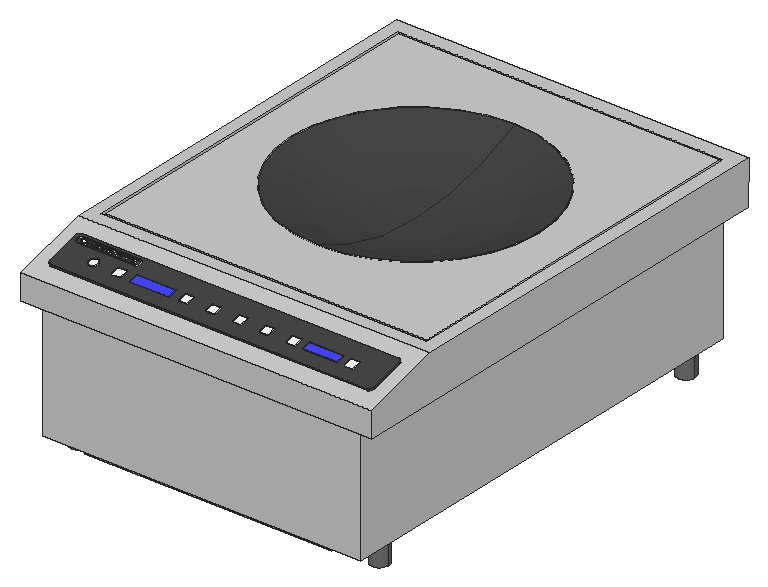
Revit family "QF_ADVENTYS_BWIC_3600_250901093003", category Specialty Equipment, Revit 2021
Family settings
  Round Connector Dimension = Use Diameter
  Part Type = Normal
  OmniClass Number = 23.40.40.14
  OmniClass Title = Food Service Equipment
  Work Plane-Based = No
  Always vertical = Yes
  Cut with Voids When Loaded = No
  Shared = No
  Room Calculation Point = No
Parameters (values of type "ADV2148")
  Weight in Pounds [instance] = 0
  Weight = 10.00 kg
  Warranty Start Date [instance] = ""
  Warranty Duration [instance] = ""
  Volts [instance] = 230 V
  URL Recommended Spares List = ""
  URL Manufacturer = ""
  URL Cutsheet = ""
  URL Critical Spares List = ""
  URL = "www.adventys.com"
  Tag Number [instance] = ""
  Status [instance] = ""
  Specification by User [instance] = ""
  Specification by Manufacturer [instance] = ""
  Sound Level [instance] = ""
  Solid Fuel Type [instance] = ""
  Service Life Duration [instance] = ""
  Serial Number [instance] = ""
  Seismic Rating [instance] = ""
  SMACNA No [instance] = ""
  Revision Code [instance] = ""
  Revision [instance] = ""
  Production Year [instance] = ""
  Point Load [instance] = 0
  Phase [instance] = 1
  Other Equipment Approvals [instance] = ""
  Number of Poles [instance] = 2
  NAFEM Spec ID Number [instance] = ""
  Model Warning [instance] = ""
  Model = "BWIC 3600"
  Min Ckt Ampacity [instance] = 0 A
  Max Overcurrent Protection [instance] = 25 A
  Masterspec [instance] = ""
  Manufacturer = "ADVENTYS"
  Length Actual = 392 mm
  Item Number [instance] = ""
  Installed By [instance] = ""
  Installation Date [instance] = ""
  Identify Quantity as Lot [instance] = no
  ID [instance] = ""
  Hygiene Approval [instance] = ""
  Hot Water Consumption = 0.0 L/s
  Height Actual = 206 mm
  HP power [instance] = ""
  Furnished By [instance] = ""
  Foodservice Equipment Identifier [instance] = no
  FL Amps [instance] = 16 A
  Electrical Remarks [instance] = "Plug not included"
  Electric power [instance] = 0 W
  Electric Connection Type [instance] = "Cord&Plug"
  Elec Conn RI Height [instance] = 0 mm
  Elec Conn Connection Height [instance] = 0 mm
  ETL Approved [instance] = no
  Description = "FREE-STANDING INDUCTION WOK"
  Depth Actual = 526 mm
  Default Elevation = 0 mm
  Cycle [instance] = 50 Hz
  Cost = 0
  Conn Plug [instance] = ""
  Conn Conduit [instance] = no
  CSI MasterFormat [instance] = ""
  CE Approved [instance] = no
  Barcode [instance] = 0
  Author [instance] = ""
  Asset Identifier [instance] = ""
  Apparent Power [instance] = 3600 VA
  Accessory = no
Reference planes
  plane 1 "Center (Front/Back)": y = 0
  plane 2: z = 0
  plane 3 "Center (Left/Right)": x = 0
Forms (mm)
  Extrusion 1, solid, not visible
    sketch origin (328.016, -72.004, 18.001) x (1, 0, 0) y (0, 1, 0)
      loop
        line (-2, 2) -> (-2, -2) -> (2, -2) -> (2, 2) -> (-2, 2)
    from -2 to 2
Dimensions and locks
  locked: nested 2 to Extrusion 1 at 2  (x2)
  aligned and locked: level to plane 2
Nested families
  nested 1: "QF_ADVENTYS_ADV2147_2916" at (0, 0, 0), type "ADV2148"
    with Status "", Show Logo yes, Show Clearance yes
  nested 2: "CONN_POINT_ELE_2D___Generic_Annotation" at (328.016, -72.004, 16.001), type "CONN_POINT_ELE_2D___Generic_Annotation"
    with Onboard connection annotation symbol visibility yes
Connectors
  electrical at (328.016, -72.004, 16.001), driven by "Apparent Power", driven by "Number of Poles", driven by "Volts"
    settings: on Extrusion 1, index 1, voltage 230 V, apparent load 0 VA, apparent load phase1 3600 VA, apparent load phase2 0 VA, apparent load phase3 0 VA, power factor 1, load classification "Other", number of poles 2, system type 31, power factor state 1, is connector primary yes, connector utility no, sub classification motor no, connector description "Electrical connection for BWIC 3600"
Definition of nested family "QF_ADVENTYS_ADV2147_2916"
  Parameters (values of type "ADV2148")
    URL = "www.adventys.com"
    Status [instance] = ""
    Show Logo [instance] = yes
    Show Clearance [instance] = yes
    Model = "BWIC 3600"
    Manufacturer = "ADVENTYS"
    Description = "FREE-STANDING INDUCTION WOK"
    Default Elevation = 0 mm
    Author = "SPECIFI"
    Assembly Code = "E1090320"
  Types (2, lengths in mm): name | Model
    ADV2147 | "BWIC 3000"
    ADV2148 | "BWIC 3600"
  Reference planes
    plane 1 "Back": y = 0
    plane 2: z = 0
    plane 3 "Left": x = 0
    plane 4 "Right": x = 392
    plane 5 "Front": y = -526
    plane 6 "Top": z = 206
  Forms (mm)
    Extrusion 1, solid
      sketch origin (0, 0, 0) x (1, 0, 0) y (0, 1, 0)
        loop
          line (15.828, -10.21) -> (15.828, -515) -> (371.364, -515) -> (371.364, -10.21) -> (15.828, -10.21)
      from 21.787 to 156
    Extrusion 2, solid
      sketch origin (-9.375, -68.75, 0) x (1, 0, 0) y (0, 1, 0)
        loop
          circle (35.053, -407.215) r 10
      from 0 to 21.787
    Extrusion 3, solid
      sketch origin (326.25, -68.75, 0) x (1, 0, 0) y (0, 1, 0)
        loop
          circle (35.053, -407.215) r 10
      from 0 to 21.787
    Extrusion 4, solid
      sketch origin (326.25, 358.75, 0) x (1, 0, 0) y (0, 1, 0)
        loop
          circle (35.053, -407.215) r 10
      from 0 to 21.787
    Extrusion 5, solid
      sketch origin (0, 0, 0) x (0, 1, 0) y (0, 0, 1)
        loop
          line (-341, 21.787) -> (-502.47, 21.787) -> (-502.47, 11.787) -> (-341, 11.787) -> (-341, 21.787)
      from 53.604 to 328.859
    Extrusion 6, solid
      sketch origin (-9.375, 358.75, 0) x (1, 0, 0) y (0, 1, 0)
        loop
          circle (35.053, -407.215) r 10
      from 0 to 21.787
    Extrusion 7, solid
      sketch origin (0, -550, 28.399) x (0, 1, 0) y (0, 0, 1)
        loop
          line (105.13, 177.601) -> (24, 155.863) -> (24, 127.601) -> (539.79, 127.601) -> (550, 127.601) -> (550, 177.601) -> (105.13, 177.601)
      from 0 to 392
    Extrusion 8, void
      sketch origin (0, 550, 28.399) x (1, 0, 0) y (0, 1, 0)
        loop
          circle (195, -768.023) r 137.862
        loop
          line (13.2, -565.546) -> (13.2, -980.546) -> (377.593, -980.546) -> (377.593, -565.546) -> (13.2, -565.546)
        loop
          line (16.2, -568.546) -> (16.2, -977.546) -> (374.593, -977.546) -> (374.593, -568.546) -> (16.2, -568.546)
      from 139.493 to 177.601
    Extrusion 9, solid
      sketch origin (277.428, -13.777, 0) x (1, 0, 0) y (0, 1, 0)
        loop
          circle (50.572, -58.223) r 15
      from 15.423 to 21.787
    Revolve 10, solid
      sketch origin (195, -40.523, 96) x (0, 1, 0) y (0, 0, 1)
        loop
          line (-177.5, 76) -> (-177.5, 75)
          arc (-177.5, 75) -> (-106.519, 83.592) -> (-39.638, 108.871) r 297.5
          line (-39.638, 108.871) -> (-39.638, 110)
          arc (-39.638, 110) -> (-106.504, 84.625) -> (-177.5, 76) r 296.5
        axis (-177.5, 110) -> (-177.5, 75)
      angle from 0 to 360
    Extrusion 11, solid
      sketch origin (41, -114.666, 146.434) x (1, 0, 0) y (0, 0.965926, 0.258819)
        loop
          arc (-21, -323.032) -> (-24.536, -324.496) -> (-26, -328.032) r 5
          line (-26, -328.032) -> (-26, -363.032)
          arc (-26, -363.032) -> (-24.536, -366.568) -> (-21, -368.032) r 5
          line (-21, -368.032) -> (331, -368.032)
          arc (331, -368.032) -> (334.536, -366.568) -> (336, -363.032) r 5
          line (336, -363.032) -> (336, -328.032)
          arc (336, -328.032) -> (334.536, -324.496) -> (331, -323.032) r 5
          line (331, -323.032) -> (-21, -323.032)
        loop
          circle (10.799, -348.029) r 5
        loop
          line (34.385, -344.032) -> (34.385, -352.032)
          arc (34.385, -352.032) -> (34.678, -352.739) -> (35.385, -353.032) r 1
          line (35.385, -353.032) -> (43.385, -353.032)
          arc (43.385, -353.032) -> (44.092, -352.739) -> (44.385, -352.032) r 1
          line (44.385, -352.032) -> (44.385, -344.032)
          arc (44.385, -344.032) -> (44.092, -343.325) -> (43.385, -343.032) r 1
          line (43.385, -343.032) -> (35.385, -343.032)
          arc (35.385, -343.032) -> (34.678, -343.325) -> (34.385, -344.032) r 1
        loop
          line (109.385, -344.032) -> (109.385, -352.032)
          arc (109.385, -352.032) -> (109.678, -352.739) -> (110.385, -353.032) r 1
          line (110.385, -353.032) -> (118.385, -353.032)
          arc (118.385, -353.032) -> (119.092, -352.739) -> (119.385, -352.032) r 1
          line (119.385, -352.032) -> (119.385, -344.032)
          arc (119.385, -344.032) -> (119.092, -343.325) -> (118.385, -343.032) r 1
          line (118.385, -343.032) -> (110.385, -343.032)
          arc (110.385, -343.032) -> (109.678, -343.325) -> (109.385, -344.032) r 1
        loop
          line (139.385, -344.032) -> (139.385, -352.032)
          arc (139.385, -352.032) -> (139.678, -352.739) -> (140.385, -353.032) r 1
          line (140.385, -353.032) -> (148.385, -353.032)
          arc (148.385, -353.032) -> (149.092, -352.739) -> (149.385, -352.032) r 1
          line (149.385, -352.032) -> (149.385, -344.032)
          arc (149.385, -344.032) -> (149.092, -343.325) -> (148.385, -343.032) r 1
          line (148.385, -343.032) -> (140.385, -343.032)
          arc (140.385, -343.032) -> (139.678, -343.325) -> (139.385, -344.032) r 1
        loop
          line (169.385, -344.032) -> (169.385, -352.032)
          arc (169.385, -352.032) -> (169.678, -352.739) -> (170.385, -353.032) r 1
          line (170.385, -353.032) -> (178.385, -353.032)
          arc (178.385, -353.032) -> (179.092, -352.739) -> (179.385, -352.032) r 1
          line (179.385, -352.032) -> (179.385, -344.032)
          arc (179.385, -344.032) -> (179.092, -343.325) -> (178.385, -343.032) r 1
          line (178.385, -343.032) -> (170.385, -343.032)
          arc (170.385, -343.032) -> (169.678, -343.325) -> (169.385, -344.032) r 1
        loop
          line (199.385, -344.032) -> (199.385, -352.032)
          arc (199.385, -352.032) -> (199.678, -352.739) -> (200.385, -353.032) r 1
          line (200.385, -353.032) -> (208.385, -353.032)
          arc (208.385, -353.032) -> (209.092, -352.739) -> (209.385, -352.032) r 1
          line (209.385, -352.032) -> (209.385, -344.032)
          arc (209.385, -344.032) -> (209.092, -343.325) -> (208.385, -343.032) r 1
          line (208.385, -343.032) -> (200.385, -343.032)
          arc (200.385, -343.032) -> (199.678, -343.325) -> (199.385, -344.032) r 1
        loop
          line (229.385, -344.032) -> (229.385, -352.032)
          arc (229.385, -352.032) -> (229.678, -352.739) -> (230.385, -353.032) r 1
          line (230.385, -353.032) -> (238.385, -353.032)
          arc (238.385, -353.032) -> (239.092, -352.739) -> (239.385, -352.032) r 1
          line (239.385, -352.032) -> (239.385, -344.032)
          arc (239.385, -344.032) -> (239.092, -343.325) -> (238.385, -343.032) r 1
          line (238.385, -343.032) -> (230.385, -343.032)
          arc (230.385, -343.032) -> (229.678, -343.325) -> (229.385, -344.032) r 1
        loop
          line (294.385, -344.032) -> (294.385, -352.032)
          arc (294.385, -352.032) -> (294.678, -352.739) -> (295.385, -353.032) r 1
          line (295.385, -353.032) -> (303.385, -353.032)
          arc (303.385, -353.032) -> (304.092, -352.739) -> (304.385, -352.032) r 1
          line (304.385, -352.032) -> (304.385, -344.032)
          arc (304.385, -344.032) -> (304.092, -343.325) -> (303.385, -343.032) r 1
          line (303.385, -343.032) -> (295.385, -343.032)
          arc (295.385, -343.032) -> (294.678, -343.325) -> (294.385, -344.032) r 1
        loop
          line (247.896, -343.032) -> (247.896, -353.032) -> (285.857, -353.032) -> (285.857, -343.032) -> (247.896, -343.032)
        loop
          line (55.396, -343.032) -> (55.396, -353.032) -> (98.982, -353.032) -> (98.982, -343.032) -> (55.396, -343.032)
      from 143 to 145
    Extrusion 12, solid
      sketch origin (41, -114.666, 146.434) x (1, 0, 0) y (0, 0.965926, 0.258819)
        loop
          circle (10.635, -348.032) r 5
        loop
          arc (35.385, -343.032) -> (34.678, -343.325) -> (34.385, -344.032) r 1
          line (34.385, -344.032) -> (34.385, -352.032)
          arc (34.385, -352.032) -> (34.678, -352.739) -> (35.385, -353.032) r 1
          line (35.385, -353.032) -> (43.385, -353.032)
          arc (43.385, -353.032) -> (44.092, -352.739) -> (44.385, -352.032) r 1
          line (44.385, -352.032) -> (44.385, -344.032)
          arc (44.385, -344.032) -> (44.092, -343.325) -> (43.385, -343.032) r 1
          line (43.385, -343.032) -> (35.385, -343.032)
        loop
          arc (110.385, -343.032) -> (109.678, -343.325) -> (109.385, -344.032) r 1
          line (109.385, -344.032) -> (109.385, -352.032)
          arc (109.385, -352.032) -> (109.678, -352.739) -> (110.385, -353.032) r 1
          line (110.385, -353.032) -> (118.385, -353.032)
          arc (118.385, -353.032) -> (119.092, -352.739) -> (119.385, -352.032) r 1
          line (119.385, -352.032) -> (119.385, -344.032)
          arc (119.385, -344.032) -> (119.092, -343.325) -> (118.385, -343.032) r 1
          line (118.385, -343.032) -> (110.385, -343.032)
        loop
          arc (140.385, -343.032) -> (139.678, -343.325) -> (139.385, -344.032) r 1
          line (139.385, -344.032) -> (139.385, -352.032)
          arc (139.385, -352.032) -> (139.678, -352.739) -> (140.385, -353.032) r 1
          line (140.385, -353.032) -> (148.385, -353.032)
          arc (148.385, -353.032) -> (149.092, -352.739) -> (149.385, -352.032) r 1
          line (149.385, -352.032) -> (149.385, -344.032)
          arc (149.385, -344.032) -> (149.092, -343.325) -> (148.385, -343.032) r 1
          line (148.385, -343.032) -> (140.385, -343.032)
        loop
          arc (170.385, -343.032) -> (169.678, -343.325) -> (169.385, -344.032) r 1
          line (169.385, -344.032) -> (169.385, -352.032)
          arc (169.385, -352.032) -> (169.678, -352.739) -> (170.385, -353.032) r 1
          line (170.385, -353.032) -> (178.385, -353.032)
          arc (178.385, -353.032) -> (179.092, -352.739) -> (179.385, -352.032) r 1
          line (179.385, -352.032) -> (179.385, -344.032)
          arc (179.385, -344.032) -> (179.092, -343.325) -> (178.385, -343.032) r 1
          line (178.385, -343.032) -> (170.385, -343.032)
        loop
          arc (200.385, -343.032) -> (199.678, -343.325) -> (199.385, -344.032) r 1
          line (199.385, -344.032) -> (199.385, -352.032)
          arc (199.385, -352.032) -> (199.678, -352.739) -> (200.385, -353.032) r 1
          line (200.385, -353.032) -> (208.385, -353.032)
          arc (208.385, -353.032) -> (209.092, -352.739) -> (209.385, -352.032) r 1
          line (209.385, -352.032) -> (209.385, -344.032)
          arc (209.385, -344.032) -> (209.092, -343.325) -> (208.385, -343.032) r 1
          line (208.385, -343.032) -> (200.385, -343.032)
        loop
          arc (230.385, -343.032) -> (229.678, -343.325) -> (229.385, -344.032) r 1
          line (229.385, -344.032) -> (229.385, -352.032)
          arc (229.385, -352.032) -> (229.678, -352.739) -> (230.385, -353.032) r 1
          line (230.385, -353.032) -> (238.385, -353.032)
          arc (238.385, -353.032) -> (239.092, -352.739) -> (239.385, -352.032) r 1
          line (239.385, -352.032) -> (239.385, -344.032)
          arc (239.385, -344.032) -> (239.092, -343.325) -> (238.385, -343.032) r 1
          line (238.385, -343.032) -> (230.385, -343.032)
        loop
          arc (295.385, -343.032) -> (294.678, -343.325) -> (294.385, -344.032) r 1
          line (294.385, -344.032) -> (294.385, -352.032)
          arc (294.385, -352.032) -> (294.678, -352.739) -> (295.385, -353.032) r 1
          line (295.385, -353.032) -> (303.385, -353.032)
          arc (303.385, -353.032) -> (304.092, -352.739) -> (304.385, -352.032) r 1
          line (304.385, -352.032) -> (304.385, -344.032)
          arc (304.385, -344.032) -> (304.092, -343.325) -> (303.385, -343.032) r 1
          line (303.385, -343.032) -> (295.385, -343.032)
      from 143 to 145
    Extrusion 13, solid, visible <- "Show Logo"
      sketch origin (-63.557, -15.93, 139.999) x (1, 0, 0) y (0, 0.965926, 0.258819)
        loop
          arc (88.581, -421.313) -> (88.113, -421.507) -> (87.92, -421.974) r 0.661
          line (87.92, -421.974) -> (87.92, -423.61)
          arc (87.92, -423.61) -> (88.124, -424.087) -> (88.609, -424.27) r 0.661
          line (88.609, -424.27) -> (88.609, -423.032)
          arc (88.609, -423.032) -> (88.952, -422.351) -> (89.662, -422.077) r 1.058
          line (89.662, -422.077) -> (92.486, -422.077)
          arc (92.486, -422.077) -> (92.335, -421.544) -> (91.833, -421.313) r 0.661
          line (91.833, -421.313) -> (88.581, -421.313)
        loop
          arc (88.581, -420.916) -> (87.833, -421.226) -> (87.523, -421.974) r 1.058
          line (87.523, -421.974) -> (87.523, -423.61)
          arc (87.523, -423.61) -> (87.843, -424.368) -> (88.609, -424.667) r 1.058
          arc (88.609, -424.667) -> (88.88, -425.483) -> (89.667, -425.828) r 1.058
          arc (89.667, -425.828) -> (89.974, -426.583) -> (90.725, -426.896) r 1.058
          line (90.725, -426.896) -> (93.719, -426.896)
          arc (93.719, -426.896) -> (94.467, -426.586) -> (94.777, -425.838) r 1.058
          line (94.777, -425.838) -> (94.777, -424.306)
          arc (94.777, -424.306) -> (94.463, -423.554) -> (93.708, -423.248) r 1.058
          arc (93.708, -423.248) -> (93.515, -422.517) -> (92.883, -422.101) r 1.058
          arc (92.883, -422.101) -> (92.625, -421.273) -> (91.833, -420.916) r 1.058
          line (91.833, -420.916) -> (88.581, -420.916)
        loop
          arc (93.719, -426.499) -> (94.187, -426.306) -> (94.38, -425.838) r 0.661
          line (94.38, -425.838) -> (94.38, -424.306)
          arc (94.38, -424.306) -> (94.185, -423.837) -> (93.714, -423.645) r 0.661
          line (93.714, -423.645) -> (93.714, -424.77)
          arc (93.714, -424.77) -> (93.404, -425.518) -> (92.656, -425.828) r 1.058
          line (92.656, -425.828) -> (90.064, -425.828)
          arc (90.064, -425.828) -> (90.254, -426.302) -> (90.725, -426.499) r 0.661
          line (90.725, -426.499) -> (93.719, -426.499)
        loop
          arc (95.546, -425.156) -> (95.587, -425.684) -> (96.116, -425.67) r 0.384
          line (96.116, -425.67) -> (96.845, -424.94) -> (99.743, -424.94) -> (100.472, -425.67)
          arc (100.472, -425.67) -> (101.001, -425.684) -> (101.042, -425.156) r 0.384
          line (101.042, -425.156) -> (98.294, -421.762) -> (95.546, -425.156)
        loop
          line (98.294, -423.127) -> (97.364, -424.275) -> (99.224, -424.275) -> (98.294, -423.127)
        loop
          line (102.315, -421.827) -> (102.315, -425.732) -> (105.995, -425.732)
          arc (105.995, -425.732) -> (107.947, -423.78) -> (105.995, -421.827) r 1.953
          line (105.995, -421.827) -> (102.315, -421.827)
        loop
          line (105.995, -422.854) -> (103.343, -422.854) -> (103.343, -424.705) -> (105.995, -424.705)
          arc (105.995, -424.705) -> (106.92, -423.78) -> (105.995, -422.854) r 0.925
        loop
          arc (109.84, -422.053) -> (109.312, -422.039) -> (109.27, -422.566) r 0.384
          line (109.27, -422.566) -> (112.019, -425.961) -> (114.767, -422.566)
          arc (114.767, -422.566) -> (114.725, -422.039) -> (114.197, -422.053) r 0.384
          line (114.197, -422.053) -> (112.019, -424.743) -> (109.84, -422.053)
        loop
          line (121.269, -421.781) -> (116.07, -421.781) -> (116.07, -425.732) -> (121.269, -425.732)
          arc (121.269, -425.732) -> (121.671, -425.331) -> (121.269, -424.93) r 0.401
          line (121.269, -424.93) -> (116.972, -424.93) -> (116.972, -424.139) -> (121.269, -424.139)
          arc (121.269, -424.139) -> (121.633, -423.775) -> (121.269, -423.412) r 0.363
          line (121.269, -423.412) -> (116.972, -423.412) -> (116.972, -422.583) -> (121.269, -422.583)
          arc (121.269, -422.583) -> (121.671, -422.182) -> (121.269, -421.781) r 0.401
        loop
          line (122.879, -422.331) -> (122.879, -425.274)
          arc (122.879, -425.274) -> (123.306, -425.701) -> (123.733, -425.274) r 0.427
          line (123.733, -425.274) -> (123.733, -423.122) -> (127.538, -425.5)
          arc (127.538, -425.5) -> (128.155, -425.516) -> (128.468, -424.984) r 0.608
          line (128.468, -424.984) -> (128.468, -422.254)
          arc (128.468, -422.254) -> (128.018, -421.804) -> (127.568, -422.254) r 0.45
          line (127.568, -422.254) -> (127.568, -424.337) -> (123.663, -421.897)
          arc (123.663, -421.897) -> (123.143, -421.883) -> (122.879, -422.331) r 0.513
        loop
          arc (130.273, -421.857) -> (129.778, -422.352) -> (130.273, -422.846) r 0.494
          line (130.273, -422.846) -> (132.065, -422.846) -> (132.065, -425.082)
          arc (132.065, -425.082) -> (132.54, -425.558) -> (133.016, -425.082) r 0.475
          line (133.016, -425.082) -> (133.016, -422.846) -> (134.724, -422.846)
          arc (134.724, -422.846) -> (135.218, -422.352) -> (134.724, -421.857) r 0.494
          line (134.724, -421.857) -> (130.273, -421.857)
        loop
          line (139.461, -423.175) -> (137.5, -421.853)
          arc (137.5, -421.853) -> (136.836, -421.982) -> (136.965, -422.646) r 0.479
          line (136.965, -422.646) -> (138.926, -423.969) -> (138.926, -425.108)
          arc (138.926, -425.108) -> (139.461, -425.643) -> (139.997, -425.108) r 0.535
          line (139.997, -425.108) -> (139.997, -423.969) -> (141.958, -422.646)
          arc (141.958, -422.646) -> (142.087, -421.982) -> (141.423, -421.853) r 0.479
          line (141.423, -421.853) -> (139.461, -423.175)
        loop
          line (148.501, -421.857) -> (144.795, -421.857)
          arc (144.795, -421.857) -> (143.661, -422.991) -> (144.795, -424.125) r 1.134
          line (144.795, -424.125) -> (147.852, -424.125)
          arc (147.852, -424.125) -> (148.265, -424.538) -> (147.852, -424.951) r 0.413
          line (147.852, -424.951) -> (144.128, -424.951)
          arc (144.128, -424.951) -> (143.786, -425.292) -> (144.128, -425.634) r 0.342
          line (144.128, -425.634) -> (148.218, -425.634)
          arc (148.218, -425.634) -> (148.994, -424.394) -> (147.885, -423.44) r 1.122
          line (147.885, -423.44) -> (144.736, -423.44)
          arc (144.736, -423.44) -> (144.286, -422.99) -> (144.736, -422.541) r 0.45
          line (144.736, -422.541) -> (148.501, -422.541)
          arc (148.501, -422.541) -> (148.843, -422.199) -> (148.501, -421.857) r 0.342
        loop
          arc (87.442, -420.162) -> (83.674, -423.931) -> (87.442, -427.699) r 3.769
          line (87.442, -427.699) -> (150.103, -427.699)
          arc (150.103, -427.699) -> (153.872, -423.931) -> (150.103, -420.162) r 3.769
          line (150.103, -420.162) -> (87.442, -420.162)
        loop
          arc (87.442, -419.771) -> (83.283, -423.931) -> (87.442, -428.091) r 4.16
          line (87.442, -428.091) -> (150.103, -428.091)
          arc (150.103, -428.091) -> (154.263, -423.931) -> (150.103, -419.771) r 4.16
          line (150.103, -419.771) -> (87.442, -419.771)
      from 176.77 to 176.97
    Extrusion 14, solid
      sketch origin (61, -114.666, 146.434) x (1, 0, 0) y (0, 0.965926, 0.258819)
        loop
          line (35.396, -343.032) -> (35.396, -353.032) -> (78.982, -353.032) -> (78.982, -343.032) -> (35.396, -343.032)
        loop
          line (227.896, -343.032) -> (227.896, -353.032) -> (265.857, -353.032) -> (265.857, -343.032) -> (227.896, -343.032)
      from 143 to 145
    Extrusion 15, void
      sketch origin (0, 0, 0) x (1, 0, 0) y (0, 1, 0)
        loop
          line (0, 0) -> (0, -526) -> (392, -526) -> (392, 0) -> (0, 0)
      from 0 to 156
  Cuts and joins
    Extrusion 8 cuts Extrusion 7
  Lines and regions (mm)
    symbolic lines
      curve 1: line (0, 0, 0) -> (392, 0, 0)
      curve 2: line (392, 0, 0) -> (392, -526, 0)
      curve 3: line (392, -526, 0) -> (0, -526, 0)
      curve 4: line (0, -526, 0) -> (0, 0, 0)
      curve 5: line (0, -444.87, 0) -> (392, -444.87, 0)
      curve 6: line (13.2, -430.546, 0) -> (377.593, -430.546, 0)
      curve 7: line (374.593, -427.546, 0) -> (16.2, -427.546, 0)
      curve 8: line (377.593, -430.546, 0) -> (377.593, -15.546, 0)
      curve 9: line (374.593, -18.546, 0) -> (374.593, -427.546, 0)
      curve 10: line (377.593, -15.546, 0) -> (13.2, -15.546, 0)
      curve 11: line (16.2, -18.546, 0) -> (374.593, -18.546, 0)
      curve 12: line (16.2, -427.546, 0) -> (16.2, -18.546, 0)
      curve 13: line (13.2, -15.546, 0) -> (13.2, -430.546, 0)
      curve 14: arc (195, -80.161, 0) -> (57.138, -218.023, 0) -> (195, -355.885, 0) r 137.862
      curve 15: arc (195, -355.885, 0) -> (332.862, -218.023, 0) -> (195, -80.161, 0) r 137.862
      curve 16: spline (20, -464.219, 0) -> (19.347, -464.261, 0) -> (18.706, -464.384, 0) -> (18.087, -464.587, 0) -> (17.5, -464.866, 0) -> (16.956, -465.217, 0) -> (16.464, -465.634, 0) -> (16.033, -466.109, 0) -> (15.67, -466.634, 0) -> (15.381, -467.201, 0) -> (15.17, -467.799, 0) -> (15.043, -468.419, 0) -> (15, -469.049, 0)
      curve 17: line (372, -464.219, 0) -> (20, -464.219, 0)
      curve 18: line (15, -469.049, 0) -> (15, -502.856, 0)
      curve 19: spline (15, -502.856, 0) -> (15.043, -503.487, 0) -> (15.17, -504.106, 0) -> (15.381, -504.705, 0) -> (15.67, -505.271, 0) -> (16.033, -505.796, 0) -> (16.464, -506.271, 0) -> (16.956, -506.688, 0) -> (17.5, -507.039, 0) -> (18.087, -507.318, 0) -> (18.706, -507.521, 0) -> (19.347, -507.645, 0) -> (20, -507.686, 0)
      curve 20: line (20, -507.686, 0) -> (372, -507.686, 0)
      curve 21: spline (372, -507.686, 0) -> (372.653, -507.645, 0) -> (373.294, -507.521, 0) -> (373.913, -507.318, 0) -> (374.5, -507.039, 0) -> (375.044, -506.688, 0) -> (375.536, -506.271, 0) -> (375.967, -505.796, 0) -> (376.33, -505.271, 0) -> (376.619, -504.705, 0) -> (376.83, -504.106, 0) -> (376.957, -503.487, 0) -> (377, -502.856, 0)
      curve 22: line (377, -502.856, 0) -> (377, -469.049, 0)
      curve 23: spline (377, -469.049, 0) -> (376.957, -468.419, 0) -> (376.83, -467.799, 0) -> (376.619, -467.201, 0) -> (376.33, -466.634, 0) -> (375.967, -466.109, 0) -> (375.536, -465.634, 0) -> (375.044, -465.217, 0) -> (374.5, -464.866, 0) -> (373.913, -464.587, 0) -> (373.294, -464.384, 0) -> (372.653, -464.261, 0) -> (372, -464.219, 0)
      curve 24: line (345.385, -492.231, 0) -> (345.385, -484.504, 0)
      curve 25: spline (345.385, -484.504, 0) -> (345.376, -484.378, 0) -> (345.351, -484.254, 0) -> (345.309, -484.134, 0) -> (345.251, -484.021, 0) -> (345.178, -483.916, 0) -> (345.092, -483.821, 0) -> (344.993, -483.737, 0) -> (344.885, -483.667, 0) -> (344.767, -483.611, 0) -> (344.643, -483.571, 0) -> (344.515, -483.546, 0) -> (344.385, -483.538, 0)
      curve 26: line (344.385, -483.538, 0) -> (336.385, -483.538, 0)
      curve 27: spline (336.385, -483.538, 0) -> (336.254, -483.546, 0) -> (336.126, -483.571, 0) -> (336.002, -483.611, 0) -> (335.885, -483.667, 0) -> (335.776, -483.737, 0) -> (335.678, -483.821, 0) -> (335.591, -483.916, 0) -> (335.519, -484.021, 0) -> (335.461, -484.134, 0) -> (335.419, -484.254, 0) -> (335.393, -484.378, 0) -> (335.385, -484.504, 0)
      curve 28: line (335.385, -484.504, 0) -> (335.385, -492.231, 0)
      curve 29: spline (336.385, -493.197, 0) -> (336.254, -493.189, 0) -> (336.126, -493.164, 0) -> (336.002, -493.124, 0) -> (335.885, -493.068, 0) -> (335.776, -492.998, 0) -> (335.678, -492.914, 0) -> (335.591, -492.819, 0) -> (335.519, -492.714, 0) -> (335.461, -492.601, 0) -> (335.419, -492.481, 0) -> (335.393, -492.357, 0) -> (335.385, -492.231, 0)
      curve 30: line (336.385, -493.197, 0) -> (344.385, -493.197, 0)
      curve 31: spline (344.385, -493.197, 0) -> (344.515, -493.189, 0) -> (344.643, -493.164, 0) -> (344.767, -493.124, 0) -> (344.885, -493.068, 0) -> (344.993, -492.998, 0) -> (345.092, -492.914, 0) -> (345.178, -492.819, 0) -> (345.251, -492.714, 0) -> (345.309, -492.601, 0) -> (345.351, -492.481, 0) -> (345.376, -492.357, 0) -> (345.385, -492.231, 0)
      curve 32: line (326.857, -493.197, 0) -> (326.857, -483.538, 0)
      curve 33: line (326.857, -483.538, 0) -> (288.896, -483.538, 0)
      curve 34: line (288.896, -493.197, 0) -> (326.857, -493.197, 0)
      curve 35: line (288.896, -483.538, 0) -> (288.896, -493.197, 0)
      curve 36: spline (56.635, -488.368, 0) -> (56.464, -487.118, 0) -> (55.965, -485.953, 0) -> (55.17, -484.952, 0) -> (54.135, -484.185, 0) -> (52.929, -483.702, 0) -> (51.635, -483.538, 0) -> (50.341, -483.702, 0) -> (49.135, -484.185, 0) -> (48.099, -484.952, 0) -> (47.305, -485.953, 0) -> (46.805, -487.118, 0) -> (46.635, -488.368, 0)
      curve 37: spline (46.635, -488.368, 0) -> (46.805, -489.618, 0) -> (47.305, -490.782, 0) -> (48.099, -491.783, 0) -> (49.135, -492.55, 0) -> (50.341, -493.033, 0) -> (51.635, -493.197, 0) -> (52.929, -493.033, 0) -> (54.135, -492.55, 0) -> (55.17, -491.783, 0) -> (55.965, -490.782, 0) -> (56.464, -489.618, 0) -> (56.635, -488.368, 0)
      curve 38: line (139.982, -483.538, 0) -> (96.396, -483.538, 0)
      curve 39: line (96.396, -483.538, 0) -> (96.396, -493.197, 0)
      curve 40: line (96.396, -493.197, 0) -> (139.982, -493.197, 0)
      curve 41: line (139.982, -493.197, 0) -> (139.982, -483.538, 0)
      curve 42: line (280.385, -492.231, 0) -> (280.385, -484.504, 0)
      curve 43: spline (280.385, -484.504, 0) -> (280.376, -484.378, 0) -> (280.351, -484.254, 0) -> (280.309, -484.134, 0) -> (280.251, -484.021, 0) -> (280.178, -483.916, 0) -> (280.092, -483.821, 0) -> (279.993, -483.737, 0) -> (279.885, -483.667, 0) -> (279.767, -483.611, 0) -> (279.643, -483.571, 0) -> (279.515, -483.546, 0) -> (279.385, -483.538, 0)
      curve 44: line (279.385, -483.538, 0) -> (271.385, -483.538, 0)
      curve 45: spline (271.385, -483.538, 0) -> (271.254, -483.546, 0) -> (271.126, -483.571, 0) -> (271.002, -483.611, 0) -> (270.885, -483.667, 0) -> (270.776, -483.737, 0) -> (270.678, -483.821, 0) -> (270.591, -483.916, 0) -> (270.519, -484.021, 0) -> (270.461, -484.134, 0) -> (270.419, -484.254, 0) -> (270.393, -484.378, 0) -> (270.385, -484.504, 0)
      curve 46: line (270.385, -484.504, 0) -> (270.385, -492.231, 0)
      curve 47: spline (271.385, -493.197, 0) -> (271.254, -493.189, 0) -> (271.126, -493.164, 0) -> (271.002, -493.124, 0) -> (270.885, -493.068, 0) -> (270.776, -492.998, 0) -> (270.678, -492.914, 0) -> (270.591, -492.819, 0) -> (270.519, -492.714, 0) -> (270.461, -492.601, 0) -> (270.419, -492.481, 0) -> (270.393, -492.357, 0) -> (270.385, -492.231, 0)
      curve 48: line (271.385, -493.197, 0) -> (279.385, -493.197, 0)
      curve 49: spline (279.385, -493.197, 0) -> (279.515, -493.189, 0) -> (279.643, -493.164, 0) -> (279.767, -493.124, 0) -> (279.885, -493.068, 0) -> (279.993, -492.998, 0) -> (280.092, -492.914, 0) -> (280.178, -492.819, 0) -> (280.251, -492.714, 0) -> (280.309, -492.601, 0) -> (280.351, -492.481, 0) -> (280.376, -492.357, 0) -> (280.385, -492.231, 0)
      curve 50: line (250.385, -492.231, 0) -> (250.385, -484.504, 0)
      curve 51: spline (250.385, -484.504, 0) -> (250.376, -484.378, 0) -> (250.351, -484.254, 0) -> (250.309, -484.134, 0) -> (250.251, -484.021, 0) -> (250.178, -483.916, 0) -> (250.092, -483.821, 0) -> (249.993, -483.737, 0) -> (249.885, -483.667, 0) -> (249.767, -483.611, 0) -> (249.643, -483.571, 0) -> (249.515, -483.546, 0) -> (249.385, -483.538, 0)
      curve 52: line (249.385, -483.538, 0) -> (241.385, -483.538, 0)
      curve 53: spline (241.385, -483.538, 0) -> (241.254, -483.546, 0) -> (241.126, -483.571, 0) -> (241.002, -483.611, 0) -> (240.885, -483.667, 0) -> (240.776, -483.737, 0) -> (240.678, -483.821, 0) -> (240.591, -483.916, 0) -> (240.519, -484.021, 0) -> (240.461, -484.134, 0) -> (240.419, -484.254, 0) -> (240.393, -484.378, 0) -> (240.385, -484.504, 0)
      curve 54: line (240.385, -484.504, 0) -> (240.385, -492.231, 0)
      curve 55: spline (241.385, -493.197, 0) -> (241.254, -493.189, 0) -> (241.126, -493.164, 0) -> (241.002, -493.124, 0) -> (240.885, -493.068, 0) -> (240.776, -492.998, 0) -> (240.678, -492.914, 0) -> (240.591, -492.819, 0) -> (240.519, -492.714, 0) -> (240.461, -492.601, 0) -> (240.419, -492.481, 0) -> (240.393, -492.357, 0) -> (240.385, -492.231, 0)
      curve 56: line (241.385, -493.197, 0) -> (249.385, -493.197, 0)
      curve 57: spline (249.385, -493.197, 0) -> (249.515, -493.189, 0) -> (249.643, -493.164, 0) -> (249.767, -493.124, 0) -> (249.885, -493.068, 0) -> (249.993, -492.998, 0) -> (250.092, -492.914, 0) -> (250.178, -492.819, 0) -> (250.251, -492.714, 0) -> (250.309, -492.601, 0) -> (250.351, -492.481, 0) -> (250.376, -492.357, 0) -> (250.385, -492.231, 0)
      curve 58: line (220.385, -492.231, 0) -> (220.385, -484.504, 0)
      curve 59: spline (220.385, -484.504, 0) -> (220.376, -484.378, 0) -> (220.351, -484.254, 0) -> (220.309, -484.134, 0) -> (220.251, -484.021, 0) -> (220.178, -483.916, 0) -> (220.092, -483.821, 0) -> (219.993, -483.737, 0) -> (219.885, -483.667, 0) -> (219.767, -483.611, 0) -> (219.643, -483.571, 0) -> (219.515, -483.546, 0) -> (219.385, -483.538, 0)
      curve 60: line (219.385, -483.538, 0) -> (211.385, -483.538, 0)
      curve 61: spline (211.385, -483.538, 0) -> (211.254, -483.546, 0) -> (211.126, -483.571, 0) -> (211.002, -483.611, 0) -> (210.885, -483.667, 0) -> (210.776, -483.737, 0) -> (210.678, -483.821, 0) -> (210.591, -483.916, 0) -> (210.519, -484.021, 0) -> (210.461, -484.134, 0) -> (210.419, -484.254, 0) -> (210.393, -484.378, 0) -> (210.385, -484.504, 0)
      curve 62: line (210.385, -484.504, 0) -> (210.385, -492.231, 0)
      curve 63: spline (211.385, -493.197, 0) -> (211.254, -493.189, 0) -> (211.126, -493.164, 0) -> (211.002, -493.124, 0) -> (210.885, -493.068, 0) -> (210.776, -492.998, 0) -> (210.678, -492.914, 0) -> (210.591, -492.819, 0) -> (210.519, -492.714, 0) -> (210.461, -492.601, 0) -> (210.419, -492.481, 0) -> (210.393, -492.357, 0) -> (210.385, -492.231, 0)
      curve 64: line (211.385, -493.197, 0) -> (219.385, -493.197, 0)
      curve 65: spline (219.385, -493.197, 0) -> (219.515, -493.189, 0) -> (219.643, -493.164, 0) -> (219.767, -493.124, 0) -> (219.885, -493.068, 0) -> (219.993, -492.998, 0) -> (220.092, -492.914, 0) -> (220.178, -492.819, 0) -> (220.251, -492.714, 0) -> (220.309, -492.601, 0) -> (220.351, -492.481, 0) -> (220.376, -492.357, 0) -> (220.385, -492.231, 0)
      curve 66: line (190.385, -492.231, 0) -> (190.385, -484.504, 0)
      curve 67: spline (190.385, -484.504, 0) -> (190.376, -484.378, 0) -> (190.351, -484.254, 0) -> (190.309, -484.134, 0) -> (190.251, -484.021, 0) -> (190.178, -483.916, 0) -> (190.092, -483.821, 0) -> (189.993, -483.737, 0) -> (189.885, -483.667, 0) -> (189.767, -483.611, 0) -> (189.643, -483.571, 0) -> (189.515, -483.546, 0) -> (189.385, -483.538, 0)
      curve 68: line (189.385, -483.538, 0) -> (181.385, -483.538, 0)
      curve 69: spline (181.385, -483.538, 0) -> (181.254, -483.546, 0) -> (181.126, -483.571, 0) -> (181.002, -483.611, 0) -> (180.885, -483.667, 0) -> (180.776, -483.737, 0) -> (180.678, -483.821, 0) -> (180.591, -483.916, 0) -> (180.519, -484.021, 0) -> (180.461, -484.134, 0) -> (180.419, -484.254, 0) -> (180.393, -484.378, 0) -> (180.385, -484.504, 0)
      curve 70: line (180.385, -484.504, 0) -> (180.385, -492.231, 0)
      curve 71: spline (181.385, -493.197, 0) -> (181.254, -493.189, 0) -> (181.126, -493.164, 0) -> (181.002, -493.124, 0) -> (180.885, -493.068, 0) -> (180.776, -492.998, 0) -> (180.678, -492.914, 0) -> (180.591, -492.819, 0) -> (180.519, -492.714, 0) -> (180.461, -492.601, 0) -> (180.419, -492.481, 0) -> (180.393, -492.357, 0) -> (180.385, -492.231, 0)
      curve 72: line (181.385, -493.197, 0) -> (189.385, -493.197, 0)
      curve 73: spline (189.385, -493.197, 0) -> (189.515, -493.189, 0) -> (189.643, -493.164, 0) -> (189.767, -493.124, 0) -> (189.885, -493.068, 0) -> (189.993, -492.998, 0) -> (190.092, -492.914, 0) -> (190.178, -492.819, 0) -> (190.251, -492.714, 0) -> (190.309, -492.601, 0) -> (190.351, -492.481, 0) -> (190.376, -492.357, 0) -> (190.385, -492.231, 0)
      curve 74: line (160.385, -492.231, 0) -> (160.385, -484.504, 0)
      curve 75: spline (160.385, -484.504, 0) -> (160.376, -484.378, 0) -> (160.351, -484.254, 0) -> (160.309, -484.134, 0) -> (160.251, -484.021, 0) -> (160.178, -483.916, 0) -> (160.092, -483.821, 0) -> (159.993, -483.737, 0) -> (159.885, -483.667, 0) -> (159.767, -483.611, 0) -> (159.643, -483.571, 0) -> (159.515, -483.546, 0) -> (159.385, -483.538, 0)
      curve 76: line (159.385, -483.538, 0) -> (151.385, -483.538, 0)
      curve 77: spline (151.385, -483.538, 0) -> (151.254, -483.546, 0) -> (151.126, -483.571, 0) -> (151.002, -483.611, 0) -> (150.885, -483.667, 0) -> (150.776, -483.737, 0) -> (150.678, -483.821, 0) -> (150.591, -483.916, 0) -> (150.519, -484.021, 0) -> (150.461, -484.134, 0) -> (150.419, -484.254, 0) -> (150.393, -484.378, 0) -> (150.385, -484.504, 0)
      curve 78: line (150.385, -484.504, 0) -> (150.385, -492.231, 0)
      curve 79: spline (151.385, -493.197, 0) -> (151.254, -493.189, 0) -> (151.126, -493.164, 0) -> (151.002, -493.124, 0) -> (150.885, -493.068, 0) -> (150.776, -492.998, 0) -> (150.678, -492.914, 0) -> (150.591, -492.819, 0) -> (150.519, -492.714, 0) -> (150.461, -492.601, 0) -> (150.419, -492.481, 0) -> (150.393, -492.357, 0) -> (150.385, -492.231, 0)
      curve 80: line (151.385, -493.197, 0) -> (159.385, -493.197, 0)
      curve 81: spline (159.385, -493.197, 0) -> (159.515, -493.189, 0) -> (159.643, -493.164, 0) -> (159.767, -493.124, 0) -> (159.885, -493.068, 0) -> (159.993, -492.998, 0) -> (160.092, -492.914, 0) -> (160.178, -492.819, 0) -> (160.251, -492.714, 0) -> (160.309, -492.601, 0) -> (160.351, -492.481, 0) -> (160.376, -492.357, 0) -> (160.385, -492.231, 0)
      curve 82: line (85.385, -492.231, 0) -> (85.385, -484.504, 0)
      curve 83: spline (85.385, -484.504, 0) -> (85.376, -484.378, 0) -> (85.351, -484.254, 0) -> (85.309, -484.134, 0) -> (85.251, -484.021, 0) -> (85.178, -483.916, 0) -> (85.092, -483.821, 0) -> (84.993, -483.737, 0) -> (84.885, -483.667, 0) -> (84.767, -483.611, 0) -> (84.643, -483.571, 0) -> (84.515, -483.546, 0) -> (84.385, -483.538, 0)
      curve 84: line (84.385, -483.538, 0) -> (76.385, -483.538, 0)
      curve 85: spline (76.385, -483.538, 0) -> (76.254, -483.546, 0) -> (76.126, -483.571, 0) -> (76.002, -483.611, 0) -> (75.885, -483.667, 0) -> (75.776, -483.737, 0) -> (75.678, -483.821, 0) -> (75.591, -483.916, 0) -> (75.519, -484.021, 0) -> (75.461, -484.134, 0) -> (75.419, -484.254, 0) -> (75.393, -484.378, 0) -> (75.385, -484.504, 0)
      curve 86: line (75.385, -484.504, 0) -> (75.385, -492.231, 0)
      curve 87: spline (76.385, -493.197, 0) -> (76.254, -493.189, 0) -> (76.126, -493.164, 0) -> (76.002, -493.124, 0) -> (75.885, -493.068, 0) -> (75.776, -492.998, 0) -> (75.678, -492.914, 0) -> (75.591, -492.819, 0) -> (75.519, -492.714, 0) -> (75.461, -492.601, 0) -> (75.419, -492.481, 0) -> (75.393, -492.357, 0) -> (75.385, -492.231, 0)
      curve 88: line (76.385, -493.197, 0) -> (84.385, -493.197, 0)
      curve 89: spline (84.385, -493.197, 0) -> (84.515, -493.189, 0) -> (84.643, -493.164, 0) -> (84.767, -493.124, 0) -> (84.885, -493.068, 0) -> (84.993, -492.998, 0) -> (85.092, -492.914, 0) -> (85.178, -492.819, 0) -> (85.251, -492.714, 0) -> (85.309, -492.601, 0) -> (85.351, -492.481, 0) -> (85.376, -492.357, 0) -> (85.385, -492.231, 0)
  Dimensions and locks
    plane 3 "Left" to plane 4 "Right" = 392 mm
    plane 5 "Front" to plane 1 "Back" = 526 mm
    plane 6 "Top" to level = 206 mm
    aligned and locked: level to plane 2
Definition of nested family "CONN_POINT_ELE_2D___Generic_Annotation"
  Parameters (values of type "CONN_POINT_ELE_2D___Generic_Annotation")
    Onboard connection annotation symbol visibility [instance] = yes
  Reference planes
    plane 1: y = 0
    plane 2: x = 0
  Lines and regions (mm)
    detail lines, visible <- "Onboard connection annotation symbol visibility"
      curve 1: circle (0, 0, 0) r 0.5 normal (0, 0, 1)
      curve 2: line (-1, 0, 0) -> (1, 0, 0)
      curve 3: line (0, 1, 0) -> (0, -1, 0)
      curve 4: line (2.5, 1, 0) -> (1.25, 1, 0)
      curve 5: line (1.25, 1, 0) -> (1.25, -1, 0)
      curve 6: line (1.25, -1, 0) -> (2.5, -1, 0)
      curve 7: line (1.25, 0, 0) -> (2, 0, 0)
